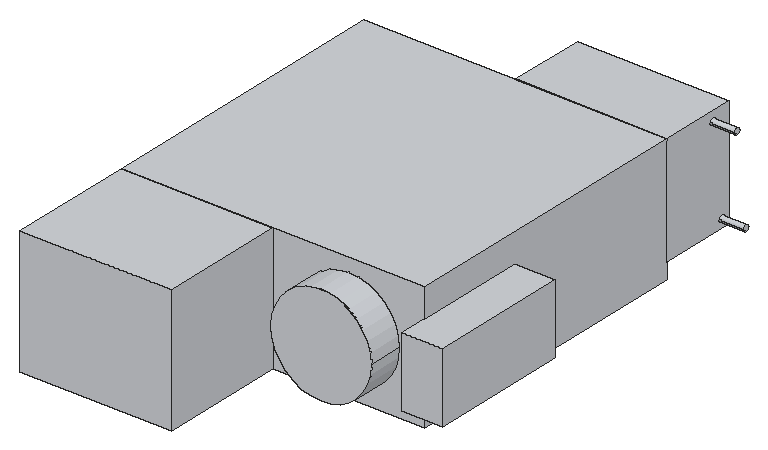
Revit family "ESTW", category Mechanical Equipment, Revit 2018
Family settings
  Round Connector Dimension = Use Radius
  Part Type = Normal
  Work Plane-Based = No
  Always vertical = Yes
  Cut with Voids When Loaded = No
  Shared = No
  Room Calculation Point = No
Parameters (values of type "ESTW 1-hp - 16R 1ROW COIL WITH S/ELBOW")
  Type Comments = ""
  Q5Q = 20"
  Q5B = 24"
  Q5A = 20"
  Inlet for RH = yes
  Inlet for LH = no
  Inlet S dim = 5 1/2"
  HWConnec Length = 4"
  Induction for RH = yes
  Induction for LH = no
  HWC for RH = yes
  HWC for LH = no
  HWC Depth "Z" = 12 1/4"
  HWC Conn Top = 1 7/16"
  HWC Conn "C" = 1 39/64"
  HWC Conn "B" = 3 3/8"
  HWC Conn = 7/16"
  Enclosure for RH = yes
  Enclosure for LH = no
  Enclosure Width = 11 1/8"
  Enclosure Length = 22 1/4"
  Enclosure Depth = 6 1/2"
  Elbow for RH = yes
  Elbow for LH = no
  Discharge Height "Y" = 17 1/2"
  Discharge Width "X" = 24"
  Width = 48"
  URL = "http://www.anemostat.com"
  Radius = Diameter / 2  # 7 15/16"
  Model = "ESTW"
  Manufacturer = "Anemostat"
  Length = 48"
  Induction Width "C" = 21"
  Height = 20"
  Duct Inlet Radius = Radius + 1/32"  # 7 31/32"
  Discharge Flange = 1"
  Diameter = 15 7/8"
  Description = "Series Fan Powered Air Terminal with ECM Motor and Hot Water Coil"
  Connector Top RH = yes
  Connector Top LH = no
  Connector Bottom RH = yes
  Connector Bottom LH = no
Reference planes (in)
  plane 1 "Center (Front/Back)": y = 0
  plane 2: z = 0
  plane 3 "Center (Left/Right)": x = 0
  plane 4 "Right Face": x = 24
  plane 5 "Left Face": x = -24
  plane 6 "Back of Box": y = 48
  plane 7 "Horiz. Centerline": z = 10
  plane 8 "Top Induction": z = 19
  plane 9 "Top of Box": z = 20
  plane 10 "Induction Right Edge": x = 22.875
  plane 11 "Inlet Left Edge": x = -20
  plane 12 "InletFace": y = -5.5
  plane 13 "InductPlane": x = 1.875
  plane 14 "Inlet Center": x = -12.0625
  plane 15: z = 18.5625
  plane 16 "HWConnectop": y = 56.875
  plane 17 "Discharge Plane": y = 60.25
  plane 18 "HWConnectBotm": y = 58.64062
  plane 19 "Enclosure Offset": y = -4.5
  plane 20 "Enclosure Back": y = 17.75
  plane 21: z = 4.0625
  plane 22 "Sound Elbow": y = -20
  plane 23 "Q5 Sid LH": x = 0
  plane 24: z = 0
  plane 25: x = -23
  plane 26: x = -2
  plane 27: x = 0
  plane 28: x = 20
  plane 29: x = 4.125
  plane 30: x = 12.0625
  plane 31: x = 0
  plane 32 "Enclosure lh": x = -30.5
  plane 33 "Enclosure RH": x = 30.5
  plane 34: z = 15.5625
  plane 35: z = 4.4375
  plane 36 "HWConnectRH": x = 28
Forms (in)
  Extrusion 1, solid
    sketch origin (0, 0, 0) x (1, 0, 0) y (0, 0, 1)
      loop
        line (-24, 20) -> (-24, 0) -> (24, 0) -> (24, 20) -> (-24, 20)
    from 0 to -48
  Extrusion 2, solid, visible <- "Induction for LH"
    sketch origin (0, 0, 0) x (1, 0, 0) y (0, 0, 1)
      loop
        line (22.875, 1) -> (22.875, 19) -> (1.875, 19) -> (1.875, 1) -> (22.875, 1)
    from 0 to 1
  Extrusion 3, solid, visible <- "Inlet for LH"
    sketch origin (0, 0, 0) x (1, 0, 0) y (0, 0, 1)
      loop
        circle (-12.0625, 10) r 7.9375
    from 0 to 5.5
  Extrusion 4, solid, visible <- "HWC for LH"
    sketch origin (0, 48, 0) x (-1, 0, 0) y (0, 0, 1)
      loop
        line (24, 2.5) -> (24, 20) -> (0, 20) -> (0, 2.5) -> (24, 2.5)
    from 0 to 12.25 <- "HWC Depth "Z""
  Extrusion 5, solid, visible <- "Connector Top LH"
    sketch origin (-24, 0, 0) x (0, -1, 0) y (0, 0, 1)
      loop
        circle (-56.875, 18.5625) r 0.4375
    from 0 to 4 <- "HWConnec Length"
  Extrusion 6, solid, visible <- "Connector Bottom LH"
    sketch origin (-24, 11.1875, 0) x (0, -1, 0) y (0, 0, 1)
      loop
        circle (-47.45313, 4.0625) r 0.4375
    from 0 to 4 <- "HWConnec Length"
  Extrusion 7, solid, visible <- "Elbow for LH"
    sketch origin (0, -20, 0) x (1, 0, 0) y (0, 0, -1)
      loop
        line (0, -20) -> (24, -20) -> (24, 0) -> (0, 0) -> (0, -20)
    from 0 to 20 <- "Q5Q"
  Extrusion 8, solid, visible <- "HWC for RH"
    sketch origin (10, 48, 0) x (1, 0, 0) y (0, 0, -1)
      loop
        line (14, -2.5) -> (-10, -2.5) -> (-10, -20) -> (14, -20) -> (14, -2.5)
    from 0 to 12.25 <- "HWC Depth "Z""
  Extrusion 9, solid, visible <- "Inlet for RH"
    sketch origin (5.74025, 0, 0) x (-1, 0, 0) y (0, 0, -1)
      loop
        circle (-6.32225, -10) r 7.9375
    from 0 to 5.5
  Extrusion 10, solid, visible <- "Elbow for RH"
    sketch origin (-11, -20, 0) x (-1, 0, 0) y (0, 0, 1)
      loop
        line (-11, 20) -> (-11, 0) -> (13, 0) -> (13, 20) -> (-11, 20)
    from 0 to 20 <- "Q5Q"
  Extrusion 11, solid, visible <- "Induction for RH"
    sketch origin (-30.25, 0, 0) x (-1, 0, 0) y (0, 0, -1)
      loop
        line (-7.25, -1) -> (-28.25, -1) -> (-28.25, -19) -> (-7.25, -19) -> (-7.25, -1)
    from 0 to 1
  Extrusion 12, solid, visible <- "Enclosure for LH"
    sketch origin (-30.5, 0, 0) x (0, 1, 0) y (0, 0, 1)
      loop
        line (17.75, 15.5625) -> (-4.5, 15.5625) -> (-4.5, 4.4375) -> (17.75, 4.4375) -> (17.75, 15.5625)
    from 0 to 6.5 <- "Enclosure Depth"
  Extrusion 13, solid, visible <- "Enclosure for RH"
    sketch origin (30.5, 0, 0) x (0, 1, 0) y (0, 0, -1)
      loop
        line (17.75, -15.5625) -> (17.75, -4.4375) -> (-4.5, -4.4375) -> (-4.5, -15.5625) -> (17.75, -15.5625)
    from 0 to 6.5 <- "Enclosure Depth"
  Extrusion 14, solid, visible <- "HWC for RH"
    sketch origin (28, 0, 0) x (0, -1, 0) y (0, 0, 1)
      loop
        circle (-56.875, 18.5625) r 0.4375
      loop
        circle (-58.64062, 4.0625) r 0.4375
    from 0 to 4 <- "HWConnec Length"
Dimensions and locks (in)
  "Width": plane 5 "Left Face" to plane 4 "Right Face"
  "Height": plane 9 "Top of Box" to level
  equal spacing: plane 9 "Top of Box", plane 7 "Horiz. Centerline", level
  equal spacing: plane 5 "Left Face", plane 3 "Center (Left/Right)", plane 4 "Right Face"
  locked: plane 9 "Top of Box" to plane 8 "Top Induction" at 1
  locked: plane 4 "Right Face" to plane 10 "Induction Right Edge" at 1.125
  locked: plane 5 "Left Face" to plane 11 "Inlet Left Edge" at 4
  "Length": plane 1 "Center (Front/Back)" to plane 6 "Back of Box"
  "Induction Width "C"": plane 10 "Induction Right Edge" to plane 13 "InductPlane"
  "Radius": plane 14 "Inlet Center" to plane 11 "Inlet Left Edge"
  "HWC Depth "Z"": plane 17 "Discharge Plane" to plane 6 "Back of Box"
  "HWC Conn "B"": plane 17 "Discharge Plane" to plane 16 "HWConnectop"
  "HWC Conn "C"": plane 17 "Discharge Plane" to plane 18 "HWConnectBotm"
  "Discharge Height "Y"": Extrusion 4 sketch curve to Extrusion 4 sketch curve
  "Discharge Width "X"": Extrusion 4 sketch curve to Extrusion 4 sketch curve
  locked: plane 1 "Center (Front/Back)" to plane 19 "Enclosure Offset" at 4.5
  locked: plane 20 "Enclosure Back" to plane 19 "Enclosure Offset" at 22.25
  "Diameter": Extrusion 3 sketch curve to plane 11 "Inlet Left Edge"
  locked: plane 15 to plane 21 at 14.5
  "Q5Q": plane 22 "Sound Elbow" to plane 1 "Center (Front/Back)"
  "Q5B": plane 23 "Q5 Sid LH" to plane 4 "Right Face"
  "Q5A": plane 9 "Top of Box" to plane 24
  "Q5B": plane 4 "Right Face" to Extrusion 7 sketch curve
  "Discharge Height "Y"": Extrusion 8 sketch curve to Extrusion 8 sketch curve
  "Discharge Width "X"": Extrusion 8 sketch curve to Extrusion 8 sketch curve
  "Induction Width "C"": plane 26 to plane 25
  "Discharge Flange": plane 5 "Left Face" to plane 25
  plane 4 "Right Face" to plane 10 "Induction Right Edge" = 1 1/8"
  "Q5B": plane 5 "Left Face" to plane 27
  "HWConnec Length": plane 4 "Right Face" to plane 28
  equal spacing: plane 28, plane 30, plane 29
  "Diameter": plane 28 to plane 29
  "Radius": Extrusion 9 sketch curve to plane 29
  "Discharge Width "X"": plane 4 "Right Face" to plane 31
  "HWC Conn": Extrusion 6 to plane 18 "HWConnectBotm"
  "HWC Conn Top": plane 9 "Top of Box" to plane 15
  locked: plane 34 to plane 7 "Horiz. Centerline" at 5.5625
  locked: plane 35 to plane 7 "Horiz. Centerline" at 5.5625
  "Enclosure Depth": plane 32 "Enclosure lh" to plane 5 "Left Face"
  "Enclosure Depth": plane 4 "Right Face" to plane 33 "Enclosure RH"
  "Inlet S dim": plane 12 "InletFace" to plane 1 "Center (Front/Back)"
  "HWConnec Length": plane 4 "Right Face" to plane 36 "HWConnectRH"
  "Radius": radius of Extrusion 3 sketch curve
  "HWC Conn": radius of Extrusion 6 sketch curve
  "Radius": radius of Extrusion 9 sketch curve
  "HWC Conn": radius of Extrusion 14 sketch curve  (x2)
  "HWC Conn": radius of Extrusion 5 sketch curve
  aligned and locked: plane 6 "Back of Box" to Extrusion 1
  aligned and locked: Extrusion 1 to Extrusion 4 sketch curve
  aligned and locked: Extrusion 2 sketch curve to plane 10 "Induction Right Edge"
  aligned and locked: plane 13 "InductPlane" to Extrusion 2 sketch curve
  aligned and locked: Extrusion 2 sketch curve to plane 8 "Top Induction"
  aligned and locked: Extrusion 4 sketch curve to plane 9 "Top of Box"
  aligned and locked: Extrusion 7 sketch curve to plane 4 "Right Face"
  aligned and locked: plane 9 "Top of Box" to Extrusion 7 sketch curve
  aligned and locked: plane 24 to Extrusion 7 sketch curve
  aligned and locked: plane 8 "Top Induction" to Extrusion 11 sketch curve
  aligned and locked: plane 26 to Extrusion 11 sketch curve
  aligned and locked: Extrusion 11 sketch curve to plane 25
  aligned and locked: plane 27 to Extrusion 10 sketch curve
  aligned and locked: plane 5 "Left Face" to Extrusion 10 sketch curve
  aligned and locked: plane 31 to Extrusion 8 sketch curve
  aligned and locked: plane 9 "Top of Box" to Extrusion 8 sketch curve
  aligned and locked: Extrusion 6 to Extrusion 5
  aligned and locked: Extrusion 12 sketch curve to plane 34
  aligned and locked: plane 20 "Enclosure Back" to Extrusion 12 sketch curve
  aligned and locked: Extrusion 12 sketch curve to plane 35
  aligned and locked: Extrusion 12 sketch curve to plane 19 "Enclosure Offset"
  aligned and locked: plane 4 "Right Face" to Extrusion 1
  aligned and locked: plane 5 "Left Face" to Extrusion 1
  aligned and locked: Extrusion 13 sketch curve to plane 34
  aligned and locked: Extrusion 13 sketch curve to plane 35
  aligned and locked: Extrusion 13 sketch curve to plane 20 "Enclosure Back"
  aligned and locked: plane 19 "Enclosure Offset" to Extrusion 13 sketch curve
Automatic sketch dimensions
  Extrusion 1 sketch curve to level = 0"
  plane 5 "Left Face" to Extrusion 1 sketch curve = 0"
  plane 4 "Right Face" to Extrusion 1 sketch curve = 0"
  Extrusion 1 sketch curve to plane 9 "Top of Box" = 0"
  Extrusion 3 sketch curve to plane 7 "Horiz. Centerline" = 0"
  Extrusion 5 sketch curve to plane 15 = 0"
  Extrusion 5 sketch curve to plane 16 "HWConnectop" = 0"
  Extrusion 6 sketch curve to plane 18 "HWConnectBotm" = 0"
  plane 21 to Extrusion 6 sketch curve = 0"
  Extrusion 9 sketch curve to plane 7 "Horiz. Centerline" = 0"
  Extrusion 10 sketch curve to plane 9 "Top of Box" = 0"
  Extrusion 10 sketch curve to level = 0"
  level to Extrusion 2 sketch curve = 1"
  Extrusion 11 sketch curve to level = 1"
  Extrusion 14 sketch curve to plane 15 = 0"
  Extrusion 14 sketch curve to plane 16 "HWConnectop" = 0"
  Extrusion 14 sketch curve to plane 18 "HWConnectBotm" = 0"
  Extrusion 14 sketch curve to plane 21 = 0"
Connectors (in)
  hvac at (-12.0625, -5.5, 10), driven by "Duct Inlet Radius"
    settings: on Extrusion 3, index 1, duct flow 0 CFM, flow factor 0, pres drop 0.00 in-wg, loss coef 0, conn angle 0.00°, conn width 12", conn height 12", conn diameter 15 15/16", duct sys type 1, conn prof type 0, flow config 0, flow direction 0, loss method 0, conn ref index -1, conn util no, is conn primary yes, conn desc ""
  piping at (-28, 56.875, 18.5625), diameter 0.875, driven by "HWC Conn"
    settings: on Extrusion 5, index 2, connector inside diameter 0", connector length 0", flow factor 0, pipe flow 0 GPM, pressure drop 0.00 psi, fitting loss kfactor 0, connector angle 0.00°, fixture units 0, engagement length 0", angle of deflection 0.00°, flow configuration 0, flow direction 0, fitting loss method 0, system type 8, joint type 0, gender type 0, connector reference index -1, connector utility 0, adjustable connector no, is connector primary yes, connector description ""
  hvac at (-12, 60.25, 11.25), driven by "Discharge Width "X"", driven by "Discharge Height "Y""
    settings: on Extrusion 4, index 4, duct flow 0 CFM, flow factor 0, pres drop 0.00 in-wg, loss coef 0, conn angle 0.00°, conn width 24", conn height 17 1/2", conn diameter 24", duct sys type 3, conn prof type 1, flow config 0, flow direction 0, loss method 0, conn ref index -1, conn util no, is conn primary no, conn desc ""
  piping at (-28, 58.64063, 4.0625), diameter 0.875, driven by "HWC Conn"
    settings: on Extrusion 6, index 5, connector inside diameter 24", connector length 0", flow factor 0, pipe flow 0 GPM, pressure drop 0.00 psi, fitting loss kfactor 0, connector angle 0.00°, fixture units 0, engagement length 0", angle of deflection 0.00°, flow configuration 0, flow direction 0, fitting loss method 0, system type 7, joint type 0, gender type 0, connector reference index -1, connector utility 0, adjustable connector no, is connector primary no, connector description ""
  hvac at (12.0625, -5.5, 10), driven by "Radius"
    settings: on Extrusion 9, index 8, duct flow 0 CFM, flow factor 0, pres drop 0.00 in-wg, loss coef 0, conn angle 0.00°, conn width 12", conn height 12", conn diameter 15 7/8", duct sys type 3, conn prof type 0, flow config 0, flow direction 0, loss method 0, conn ref index -1, conn util no, is conn primary no, conn desc ""
  hvac at (12, 60.25, 11.25), driven by "Discharge Height "Y"", driven by "Discharge Width "X""
    settings: on Extrusion 8, index 9, duct flow 0 CFM, flow factor 0, pres drop 0.00 in-wg, loss coef 0, conn angle 0.00°, conn width 24", conn height 17 1/2", conn diameter 24", duct sys type 3, conn prof type 1, flow config 0, flow direction 0, loss method 0, conn ref index -1, conn util no, is conn primary no, conn desc ""
  piping at (28, 56.875, 18.5625), diameter 0.875, driven by "HWC Conn"
    settings: on Extrusion 14, index 10, connector inside diameter 24", connector length 0", flow factor 0, pipe flow 0 GPM, pressure drop 0.00 psi, fitting loss kfactor 0, connector angle 0.00°, fixture units 0, engagement length 0", angle of deflection 0.00°, flow configuration 0, flow direction 0, fitting loss method 0, system type 7, joint type 0, gender type 0, connector reference index -1, connector utility 0, adjustable connector no, is connector primary no, connector description ""
  piping at (28, 58.64062, 4.0625), diameter 0.875, driven by "HWC Conn"
    settings: on Extrusion 14, index 11, connector inside diameter 24", connector length 0", flow factor 0, pipe flow 0 GPM, pressure drop 0.00 psi, fitting loss kfactor 0, connector angle 0.00°, fixture units 0, engagement length 0", angle of deflection 0.00°, flow configuration 0, flow direction 0, fitting loss method 0, system type 7, joint type 0, gender type 0, connector reference index -1, connector utility 0, adjustable connector no, is connector primary no, connector description ""
  electrical at (30.5, 6.625, 10)
    settings: on Extrusion 13, index 12, voltage 0 V, apparent load 0 VA, apparent load phase1 0 VA, apparent load phase2 0 VA, apparent load phase3 0 VA, power factor 1, load classification "Other", number of poles 1, system type 31, power factor state 1, is connector primary yes, connector utility no, sub classification motor no, connector description ""
  electrical at (-30.5, 6.625, 10)
    settings: on Extrusion 12, index 13, voltage 0 V, apparent load 0 VA, apparent load phase1 0 VA, apparent load phase2 0 VA, apparent load phase3 0 VA, power factor 1, load classification "Other", number of poles 1, system type 31, power factor state 1, is connector primary no, connector utility no, sub classification motor no, connector description ""
Types (193): name | Q5Q | Q5B | Q5A | Inlet for RH | Inlet for LH | Induction for RH | Induction for LH | HWC for RH | HWC for LH | HWC Depth "Z" | HWC Conn | Enclosure for RH | Enclosure for LH | Elbow for RH | Elbow for LH | Discharge Width "X" | Width | Radius | Length | Induction Width "C" | Height | Duct Inlet Radius | Diameter | Connector Top RH | Connector Top LH | Connector Bottom RH | Connector Bottom LH
  (no name) | 20" | 24" | 20" | yes | no | yes | no | yes | no | 12 1/4" | 7/16" | yes | no | yes | no | 24" | 48" | 7 15/16" | 48" | 21" | 20" | 7 31/32" | 15 7/8" | yes | no | yes | no
  ESTW 1/2-hp - 06L 1ROW COIL W/O S/ELBOW | 18" | 20" | 18" | no | yes | no | yes | no | yes | 12 1/4" | 7/16" | no | yes | no | no | 20" | 40" | 2 15/16" | 40" | 17" | 18" | 2 31/32" | 5 7/8" | no | yes | no | yes
  ESTW 1-hp - 09L 1ROW COIL W/O S/ELBOW | 20" | 24" | 20" | no | yes | no | yes | no | yes | 12 1/4" | 7/16" | no | yes | no | no | 24" | 48" | 4 7/16" | 48" | 21" | 20" | 4 15/32" | 8 7/8" | no | yes | no | yes
  ESTW 1/3-hp - 08L 1ROW COIL W/O S/ELBOW | 18" | 18" | 18" | no | yes | no | yes | no | yes | 12 1/4" | 7/8" | no | yes | no | no | 20" | 32" | 3 15/16" | 36" | 12" | 18" | 3 31/32" | 7 7/8" | no | yes | no | yes
  ESTW 1/3-hp - 10L 1ROW COIL W/O S/ELBOW | 18" | 18" | 18" | no | yes | no | yes | no | yes | 12 1/4" | 7/16" | no | yes | no | no | 20" | 32" | 4 15/16" | 36" | 12" | 18" | 4 31/32" | 9 7/8" | no | yes | no | yes
  ESTW 1/2-hp - 07L 1ROW COIL W/O S/ELBOW | 18" | 20" | 18" | no | yes | no | yes | no | yes | 12 1/4" | 7/16" | no | yes | no | no | 20" | 40" | 3 7/16" | 40" | 17" | 18" | 3 15/32" | 6 7/8" | no | yes | no | yes
  ESTW 1/2-hp - 08L 1ROW COIL W/O S/ELBOW | 18" | 20" | 18" | no | yes | no | yes | no | yes | 12 1/4" | 7/16" | no | yes | no | no | 20" | 40" | 3 15/16" | 40" | 17" | 18" | 3 31/32" | 7 7/8" | no | yes | no | yes
  ESTW 1/2-hp - 08L 2ROW COIL W/O S/ELBOW | 18" | 20" | 18" | no | yes | no | yes | no | yes | 13 1/2" | 7/16" | no | yes | no | no | 20" | 40" | 3 15/16" | 40" | 17" | 18" | 3 31/32" | 7 7/8" | no | yes | no | yes
  ESTW 1/2-hp - 06L 2ROW COIL W/O S/ELBOW | 18" | 20" | 18" | no | yes | no | yes | no | yes | 13 1/2" | 7/16" | no | yes | no | no | 20" | 40" | 2 15/16" | 40" | 17" | 18" | 2 31/32" | 5 7/8" | no | yes | no | yes
  ESTW 1/3-hp - 08L 2ROW COIL W/O S/ELBOW | 18" | 18" | 18" | no | yes | no | yes | no | yes | 13 1/2" | 7/8" | no | yes | no | no | 20" | 32" | 3 15/16" | 36" | 12" | 18" | 3 31/32" | 7 7/8" | no | yes | no | yes
  ESTW 1/3-hp - 09L 2ROW COIL W/O S/ELBOW | 18" | 18" | 18" | no | yes | no | yes | no | yes | 13 1/2" | 7/16" | no | yes | no | no | 20" | 32" | 4 7/16" | 36" | 12" | 18" | 4 15/32" | 8 7/8" | no | yes | no | yes
  ESTW 1/3-hp - 10L 2ROW COIL W/O S/ELBOW | 18" | 18" | 18" | no | yes | no | yes | no | yes | 13 1/2" | 7/16" | no | yes | no | no | 20" | 32" | 4 15/16" | 36" | 12" | 18" | 4 31/32" | 9 7/8" | no | yes | no | yes
  ESTW 1-hp - 16L 2ROW COIL W/O S/ELBOW | 20" | 24" | 20" | no | yes | no | yes | no | yes | 13 1/2" | 7/16" | no | yes | no | no | 24" | 48" | 7 15/16" | 48" | 21" | 20" | 7 31/32" | 15 7/8" | no | yes | no | yes
  ESTW 1/2-hp - 06R 1ROW COIL W/O S/ELBOW | 18" | 20" | 18" | yes | no | yes | no | yes | no | 12 1/4" | 7/16" | yes | no | no | no | 20" | 40" | 2 15/16" | 40" | 17" | 18" | 2 31/32" | 5 7/8" | yes | no | yes | no
  ESTW 1/2-hp - 06R 2ROW COIL W/O S/ELBOW | 18" | 20" | 18" | yes | no | yes | no | yes | no | 13 1/2" | 7/16" | yes | no | no | no | 20" | 40" | 2 15/16" | 40" | 17" | 18" | 2 31/32" | 5 7/8" | yes | no | yes | no
  ESTW 1/2-hp - 07R 1ROW COIL W/O S/ELBOW | 18" | 20" | 18" | yes | no | yes | no | yes | no | 12 1/4" | 7/16" | yes | no | no | no | 20" | 40" | 3 7/16" | 40" | 17" | 18" | 3 15/32" | 6 7/8" | yes | no | yes | no
  ESTW 1/2-hp - 08R 1ROW COIL W/O S/ELBOW | 18" | 20" | 18" | yes | no | yes | no | yes | no | 12 1/4" | 7/16" | yes | no | no | no | 20" | 40" | 3 15/16" | 40" | 17" | 18" | 3 31/32" | 7 7/8" | yes | no | yes | no
  ESTW 1/2-hp - 08R 2ROW COIL W/O S/ELBOW | 18" | 20" | 18" | yes | no | yes | no | yes | no | 13 1/2" | 7/16" | yes | no | no | no | 20" | 40" | 3 15/16" | 40" | 17" | 18" | 3 31/32" | 7 7/8" | yes | no | yes | no
  ESTW 1/3-hp - 08R 1ROW COIL W/O S/ELBOW | 18" | 18" | 18" | yes | no | yes | no | yes | no | 12 1/4" | 7/8" | yes | no | no | no | 20" | 32" | 3 15/16" | 36" | 12" | 18" | 3 31/32" | 7 7/8" | yes | no | no | no
  ESTW 1/3-hp - 09R 2ROW COIL W/O S/ELBOW | 18" | 18" | 18" | yes | no | yes | no | yes | no | 13 1/2" | 7/16" | yes | no | no | no | 20" | 32" | 4 7/16" | 36" | 12" | 18" | 4 15/32" | 8 7/8" | yes | no | yes | no
  ESTW 1/3-hp - 10R 1ROW COIL W/O S/ELBOW | 18" | 18" | 18" | yes | no | yes | no | yes | no | 12 1/4" | 7/16" | yes | no | no | no | 20" | 32" | 4 15/16" | 36" | 12" | 18" | 4 31/32" | 9 7/8" | yes | no | yes | no
  ESTW 1-hp - 09R 1ROW COIL W/O S/ELBOW | 20" | 24" | 20" | yes | no | yes | no | yes | no | 12 1/4" | 7/16" | yes | no | no | no | 24" | 48" | 4 7/16" | 48" | 21" | 20" | 4 15/32" | 8 7/8" | yes | no | yes | no
  ESTW 1-hp - 16R 2ROW COIL W/O S/ELBOW | 20" | 24" | 20" | yes | no | yes | no | yes | no | 13 1/2" | 7/16" | yes | no | no | no | 24" | 48" | 7 15/16" | 48" | 21" | 20" | 7 31/32" | 15 7/8" | yes | no | yes | no
  ESTW 1/2-hp - 06L 1ROW COIL WITH S/ELBOW | 18" | 20" | 18" | no | yes | no | yes | no | yes | 12 1/4" | 7/16" | no | yes | no | yes | 20" | 40" | 2 15/16" | 40" | 17" | 18" | 2 31/32" | 5 7/8" | no | yes | no | yes
  ESTW 1/2-hp - 06R 1ROW COIL WITH S/ELBOW | 18" | 20" | 18" | yes | no | yes | no | yes | no | 12 1/4" | 7/16" | yes | no | yes | no | 20" | 40" | 2 15/16" | 40" | 17" | 18" | 2 31/32" | 5 7/8" | yes | no | yes | no
  ESTW 1/2-hp - 06L 2ROW COIL WITH S/ELBOW | 18" | 20" | 18" | no | yes | no | yes | no | yes | 13 1/2" | 7/16" | no | yes | no | yes | 20" | 40" | 2 15/16" | 40" | 17" | 18" | 2 31/32" | 5 7/8" | no | yes | no | yes
  ESTW 1/2-hp - 06R 2ROW COIL WITH S/ELBOW | 18" | 20" | 18" | yes | no | yes | no | yes | no | 13 1/2" | 7/16" | yes | no | yes | no | 20" | 40" | 2 15/16" | 40" | 17" | 18" | 2 31/32" | 5 7/8" | yes | no | yes | no
  ESTW 1/2-hp - 07L 1ROW COIL WITH S/ELBOW | 18" | 20" | 18" | no | yes | no | yes | no | yes | 12 1/4" | 7/16" | no | yes | no | yes | 20" | 40" | 3 7/16" | 40" | 17" | 18" | 3 15/32" | 6 7/8" | no | yes | no | yes
  ESTW 1/2-hp - 07R 1ROW COIL WITH S/ELBOW | 18" | 20" | 18" | yes | no | yes | no | yes | no | 12 1/4" | 7/16" | yes | no | yes | no | 20" | 40" | 3 7/16" | 40" | 17" | 18" | 3 15/32" | 6 7/8" | yes | no | yes | no
  ESTW 1/2-hp - 07L 2ROW COIL W/O S/ELBOW | 18" | 20" | 18" | no | yes | no | yes | no | yes | 13 1/2" | 7/16" | no | yes | no | no | 20" | 40" | 3 7/16" | 40" | 17" | 18" | 3 15/32" | 6 7/8" | no | yes | no | yes
  ESTW 1/2-hp - 07L 2ROW COIL WITH S/ELBOW | 18" | 20" | 18" | no | yes | no | yes | no | yes | 13 1/2" | 7/16" | no | yes | no | yes | 20" | 40" | 3 7/16" | 40" | 17" | 18" | 3 15/32" | 6 7/8" | no | yes | no | yes
  ESTW 1/2-hp - 07R 2ROW COIL WITH S/ELBOW | 18" | 20" | 18" | yes | no | yes | no | yes | no | 13 1/2" | 7/16" | yes | no | yes | no | 20" | 40" | 3 7/16" | 40" | 17" | 18" | 3 15/32" | 6 7/8" | yes | no | yes | no
  ESTW 1/2-hp - 07R 2ROW COIL W/O S/ELBOW | 18" | 20" | 18" | yes | no | yes | no | yes | no | 13 1/2" | 7/16" | yes | no | no | no | 20" | 40" | 3 7/16" | 40" | 17" | 18" | 3 15/32" | 6 7/8" | yes | no | yes | no
  ESTW 1/2-hp - 08R 2ROW COIL WITH S/ELBOW | 18" | 20" | 18" | yes | no | yes | no | yes | no | 13 1/2" | 7/16" | yes | no | yes | no | 20" | 40" | 3 15/16" | 40" | 17" | 18" | 3 31/32" | 7 7/8" | yes | no | yes | no
  ESTW 1/2-hp - 08L 1ROW COIL WITH S/ELBOW | 18" | 20" | 18" | no | yes | no | yes | no | yes | 12 1/4" | 7/16" | no | yes | no | yes | 20" | 40" | 3 15/16" | 40" | 17" | 18" | 3 31/32" | 7 7/8" | no | yes | no | yes
  ESTW 1/2-hp - 08L 2ROW COIL WITH S/ELBOW | 18" | 20" | 18" | no | yes | no | yes | no | yes | 13 1/2" | 7/16" | no | yes | no | yes | 20" | 40" | 3 15/16" | 40" | 17" | 18" | 3 31/32" | 7 7/8" | no | yes | no | yes
  ESTW 1/2-hp - 08R 1ROW COIL WITH S/ELBOW | 18" | 20" | 18" | yes | no | yes | no | yes | no | 12 1/4" | 7/16" | yes | no | yes | no | 20" | 40" | 3 15/16" | 40" | 17" | 18" | 3 31/32" | 7 7/8" | yes | no | yes | no
  ESTW 1/3-hp - 08L 1ROW COIL WITH S/ELBOW | 18" | 18" | 18" | no | yes | no | yes | no | yes | 12 1/4" | 7/8" | no | yes | no | yes | 20" | 32" | 3 15/16" | 36" | 12" | 18" | 3 31/32" | 7 7/8" | no | yes | no | yes
  ESTW 1/3-hp - 08L 2ROW COIL WITH S/ELBOW | 18" | 18" | 18" | no | yes | no | yes | no | yes | 13 1/2" | 7/8" | no | yes | no | yes | 20" | 32" | 3 15/16" | 36" | 12" | 18" | 3 31/32" | 7 7/8" | no | yes | no | yes
  ESTW 1/3-hp - 08R 1ROW COIL WITH S/ELBOW | 18" | 18" | 18" | yes | no | yes | no | yes | no | 12 1/4" | 7/8" | yes | no | yes | no | 20" | 32" | 3 15/16" | 36" | 12" | 18" | 3 31/32" | 7 7/8" | yes | no | yes | no
  ESTW 1/3-hp - 08R 2ROW COIL W/O S/ELBOW | 18" | 18" | 18" | yes | no | yes | no | yes | no | 13 1/2" | 7/8" | yes | no | no | no | 20" | 32" | 3 15/16" | 36" | 12" | 18" | 3 31/32" | 7 7/8" | yes | no | yes | no
  ESTW 1/3-hp - 08R 2ROW COIL WITH S/ELBOW | 18" | 18" | 18" | yes | no | yes | no | yes | no | 13 1/2" | 7/8" | yes | no | yes | no | 20" | 32" | 3 15/16" | 36" | 12" | 18" | 3 31/32" | 7 7/8" | yes | no | yes | no
  ESTW 1/3-hp - 09L 2ROW COIL WITH S/ELBOW | 18" | 18" | 18" | no | yes | no | yes | no | yes | 13 1/2" | 7/16" | no | yes | no | yes | 20" | 32" | 4 7/16" | 36" | 12" | 18" | 4 15/32" | 8 7/8" | no | yes | no | yes
  ESTW 1/3-hp - 09R 2ROW COIL WITH S/ELBOW | 18" | 18" | 18" | yes | no | yes | no | yes | no | 13 1/2" | 7/16" | yes | no | no | no | 20" | 32" | 4 7/16" | 36" | 12" | 18" | 4 15/32" | 8 7/8" | yes | no | yes | no
  ESTW 1/3-hp - 09L 1ROW COIL W/O S/ELBOW | 18" | 18" | 18" | no | yes | no | yes | no | yes | 12 1/4" | 7/16" | no | yes | no | no | 20" | 32" | 4 7/16" | 36" | 12" | 18" | 4 15/32" | 8 7/8" | no | yes | no | yes
  ESTW 1/3-hp - 09L 1ROW COIL WITH S/ELBOW | 18" | 18" | 18" | no | yes | no | yes | no | yes | 12 1/4" | 7/16" | no | yes | no | yes | 20" | 32" | 4 7/16" | 36" | 12" | 18" | 4 15/32" | 8 7/8" | no | yes | no | yes
  ESTW 1/3-hp - 09R 1ROW COIL W/O S/ELBOW | 18" | 18" | 18" | yes | no | yes | no | yes | no | 12 1/4" | 7/16" | yes | no | no | no | 20" | 32" | 4 7/16" | 36" | 12" | 18" | 4 15/32" | 8 7/8" | yes | no | yes | no
  ESTW 1/3-hp - 09R 1ROW COIL WITH S/ELBOW | 18" | 18" | 18" | yes | no | yes | no | yes | no | 12 1/4" | 7/16" | yes | no | yes | no | 20" | 32" | 4 7/16" | 36" | 12" | 18" | 4 15/32" | 8 7/8" | yes | no | yes | no
  ESTW 1/3-hp - 10L 1ROW COIL WITH S/ELBOW | 18" | 18" | 18" | no | yes | no | yes | no | yes | 12 1/4" | 7/16" | no | yes | no | yes | 20" | 32" | 4 15/16" | 36" | 12" | 18" | 4 31/32" | 9 7/8" | no | yes | no | yes
  ESTW 1/3-hp - 10R 1ROW COIL WITH S/ELBOW | 18" | 18" | 18" | yes | no | yes | no | yes | no | 12 1/4" | 7/16" | yes | no | yes | no | 20" | 32" | 4 15/16" | 36" | 12" | 18" | 4 31/32" | 9 7/8" | yes | no | yes | no
  ESTW 1/3-hp - 10L 2ROW COIL WITH S/ELBOW | 18" | 18" | 18" | no | yes | no | yes | no | yes | 13 1/2" | 7/16" | no | yes | no | yes | 20" | 32" | 4 15/16" | 36" | 12" | 18" | 4 31/32" | 9 7/8" | no | yes | no | yes
  ESTW 1/3-hp - 10R 2ROW COIL W/O S/ELBOW | 18" | 18" | 18" | yes | no | yes | no | yes | no | 13 1/2" | 7/16" | yes | no | no | no | 20" | 32" | 4 15/16" | 36" | 12" | 18" | 4 31/32" | 9 7/8" | yes | no | yes | no
  ESTW 1/3-hp - 10R 2ROW COIL WITH S/ELBOW | 18" | 18" | 18" | yes | no | yes | no | yes | no | 13 1/2" | 7/16" | yes | no | yes | no | 20" | 32" | 4 15/16" | 36" | 12" | 18" | 4 31/32" | 9 7/8" | yes | no | yes | no
  ESTW 1/2-hp - 09L 1ROW COIL W/O S/ELBOW | 18" | 20" | 18" | no | yes | no | yes | no | yes | 12 1/4" | 7/16" | no | yes | no | no | 20" | 40" | 4 7/16" | 40" | 17" | 18" | 4 15/32" | 8 7/8" | no | yes | no | yes
  ESTW 1/2-hp - 09R 1ROW COIL W/O S/ELBOW | 18" | 20" | 18" | yes | no | yes | no | yes | no | 12 1/4" | 7/16" | yes | no | no | no | 20" | 40" | 4 7/16" | 40" | 17" | 18" | 4 15/32" | 8 7/8" | yes | no | yes | no
  ESTW 1/2-hp - 09L 1ROW COIL WITH S/ELBOW | 18" | 20" | 18" | no | yes | no | yes | no | yes | 12 1/4" | 7/16" | no | yes | no | yes | 20" | 40" | 4 7/16" | 40" | 17" | 18" | 4 15/32" | 8 7/8" | no | yes | no | yes
  ESTW 1/2-hp - 09R 1ROW COIL WITH S/ELBOW | 18" | 20" | 18" | yes | no | yes | no | yes | no | 12 1/4" | 7/16" | yes | no | yes | no | 20" | 40" | 4 7/16" | 40" | 17" | 18" | 4 15/32" | 8 7/8" | yes | no | yes | no
  ESTW 1/2-hp - 09L 2ROW COIL W/O S/ELBOW | 18" | 20" | 18" | no | yes | no | yes | no | yes | 13 1/2" | 7/16" | no | yes | no | no | 20" | 40" | 4 7/16" | 40" | 17" | 18" | 4 15/32" | 8 7/8" | no | yes | no | yes
  ESTW 1/2-hp - 09R 2ROW COIL W/O S/ELBOW | 18" | 20" | 18" | yes | no | yes | no | yes | no | 13 1/2" | 7/16" | yes | no | no | no | 20" | 40" | 4 7/16" | 40" | 17" | 18" | 4 15/32" | 8 7/8" | yes | no | yes | no
  ESTW 1/2-hp - 09L 2ROW COIL WITH S/ELBOW | 18" | 20" | 18" | no | yes | no | yes | no | yes | 13 1/2" | 7/16" | no | yes | no | yes | 20" | 40" | 4 7/16" | 40" | 17" | 18" | 4 15/32" | 8 7/8" | no | yes | no | yes
  ESTW 1/2-hp - 09R 2ROW COIL WITH S/ELBOW | 18" | 20" | 18" | yes | no | yes | no | yes | no | 13 1/2" | 7/16" | yes | no | yes | no | 20" | 40" | 4 7/16" | 40" | 17" | 18" | 4 15/32" | 8 7/8" | yes | no | yes | no
  ESTW 1/2-hp - 10L 1ROW COIL W/O S/ELBOW | 18" | 20" | 18" | no | yes | no | yes | no | yes | 12 1/4" | 7/16" | no | yes | no | no | 20" | 40" | 4 15/16" | 40" | 17" | 18" | 4 31/32" | 9 7/8" | no | yes | no | yes
  ESTW 1/2-hp - 10R 1ROW COIL W/O S/ELBOW | 18" | 20" | 18" | yes | no | yes | no | yes | no | 12 1/4" | 7/16" | yes | no | no | no | 20" | 40" | 4 15/16" | 40" | 17" | 18" | 4 31/32" | 9 7/8" | yes | no | yes | no
  ESTW 1/2-hp - 10R 1ROW COIL WITH S/ELBOW | 18" | 20" | 18" | yes | no | yes | no | yes | no | 12 1/4" | 7/16" | yes | no | yes | no | 20" | 40" | 4 15/16" | 40" | 17" | 18" | 4 31/32" | 9 7/8" | yes | no | yes | no
  ESTW 1/2-hp - 10L 1ROW COIL WITH S/ELBOW | 18" | 20" | 18" | no | yes | no | yes | no | yes | 12 1/4" | 7/16" | no | yes | no | yes | 20" | 40" | 4 15/16" | 40" | 17" | 18" | 4 31/32" | 9 7/8" | no | yes | no | yes
  ESTW 1/2-hp - 10L 2ROW COIL W/O S/ELBOW | 18" | 20" | 18" | no | yes | no | yes | no | yes | 13 1/2" | 7/16" | no | yes | no | no | 20" | 40" | 4 15/16" | 40" | 17" | 18" | 4 31/32" | 9 7/8" | no | yes | no | yes
  ESTW 1/2-hp - 10R 2ROW COIL W/O S/ELBOW | 18" | 20" | 18" | yes | no | yes | no | yes | no | 13 1/2" | 7/16" | yes | no | no | no | 20" | 40" | 4 15/16" | 40" | 17" | 18" | 4 31/32" | 9 7/8" | yes | no | yes | no
  ESTW 1/2-hp - 10R 2ROW COIL WITH S/ELBOW | 18" | 20" | 18" | yes | no | yes | no | yes | no | 13 1/2" | 7/16" | yes | no | yes | no | 20" | 40" | 4 15/16" | 40" | 17" | 18" | 4 31/32" | 9 7/8" | yes | no | yes | no
  ESTW 1/2-hp - 10L 2ROW COIL WITH S/ELBOW | 18" | 20" | 18" | no | yes | no | yes | no | yes | 13 1/2" | 7/16" | no | yes | no | yes | 20" | 40" | 4 15/16" | 40" | 17" | 18" | 4 31/32" | 9 7/8" | no | yes | no | yes
  ESTW 1/2-hp - 12L 1ROW COIL W/O S/ELBOW | 18" | 20" | 18" | no | yes | no | yes | no | yes | 12 1/4" | 7/16" | no | yes | no | no | 20" | 40" | 5 15/16" | 40" | 17" | 18" | 5 31/32" | 11 7/8" | no | yes | no | yes
  ESTW 1/2-hp - 12R 1ROW COIL W/O S/ELBOW | 18" | 20" | 18" | yes | no | yes | no | yes | no | 12 1/4" | 7/16" | yes | no | no | no | 20" | 40" | 5 15/16" | 40" | 17" | 18" | 5 31/32" | 11 7/8" | yes | no | yes | no
  ESTW 1/2-hp - 12L 1ROW COIL WITH S/ELBOW | 18" | 20" | 18" | no | yes | no | yes | no | yes | 12 1/4" | 7/16" | no | yes | no | yes | 20" | 40" | 5 15/16" | 40" | 17" | 18" | 5 31/32" | 11 7/8" | no | yes | no | yes
  ESTW 1/2-hp - 12R 1ROW COIL WITH S/ELBOW | 18" | 20" | 18" | yes | no | yes | no | yes | no | 12 1/4" | 7/16" | yes | no | yes | no | 20" | 40" | 5 15/16" | 40" | 17" | 18" | 5 31/32" | 11 7/8" | yes | no | yes | no
  ESTW 1/2-hp - 12L 2ROW COIL W/O S/ELBOW | 18" | 20" | 18" | no | yes | no | yes | no | yes | 13 1/2" | 7/16" | no | yes | no | no | 20" | 40" | 5 15/16" | 40" | 17" | 18" | 5 31/32" | 11 7/8" | no | yes | no | yes
  ESTW 1/2-hp - 12R 2ROW COIL W/O S/ELBOW | 18" | 20" | 18" | yes | no | yes | no | yes | no | 13 1/2" | 7/16" | yes | no | no | no | 20" | 40" | 5 15/16" | 40" | 17" | 18" | 5 31/32" | 11 7/8" | yes | no | yes | no
  ESTW 1/2-hp - 12R 2ROW COIL WITH S/ELBOW | 18" | 20" | 18" | yes | no | yes | no | yes | no | 13 1/2" | 7/16" | yes | no | yes | no | 20" | 40" | 5 15/16" | 40" | 17" | 18" | 5 31/32" | 11 7/8" | yes | no | yes | no
  ESTW 1/2-hp - 12L 2ROW COIL WITH S/ELBOW | 18" | 20" | 18" | no | yes | no | yes | no | no | 13 1/2" | 7/16" | yes | no | no | yes | 20" | 40" | 5 15/16" | 40" | 17" | 18" | 5 31/32" | 11 7/8" | no | yes | no | yes
  ESTW 1/2-hp - 14L 1ROW COIL W/O S/ELBOW | 18" | 20" | 18" | no | yes | no | yes | no | yes | 12 1/4" | 7/16" | no | yes | no | no | 20" | 40" | 6 15/16" | 40" | 17" | 18" | 6 31/32" | 13 7/8" | no | yes | no | yes
  ESTW 1/2-hp - 14R 1ROW COIL W/O S/ELBOW | 18" | 20" | 18" | yes | no | yes | no | yes | no | 12 1/4" | 7/16" | yes | no | no | no | 20" | 40" | 6 15/16" | 40" | 17" | 18" | 6 31/32" | 13 7/8" | yes | no | yes | no
  ESTW 1/2-hp - 14R 1ROW COIL WITH S/ELBOW | 18" | 20" | 18" | yes | no | yes | no | yes | no | 12 1/4" | 7/16" | yes | no | yes | no | 20" | 40" | 6 15/16" | 40" | 17" | 18" | 6 31/32" | 13 7/8" | yes | no | yes | no
  ESTW 1/2-hp - 14L 1ROW COIL WITH S/ELBOW | 18" | 20" | 18" | no | yes | no | yes | no | yes | 12 1/4" | 7/16" | no | yes | no | yes | 20" | 40" | 6 15/16" | 40" | 17" | 18" | 6 31/32" | 13 7/8" | no | yes | no | yes
  ESTW 1/2-hp - 14L 2ROW COIL W/O S/ELBOW | 18" | 20" | 18" | no | yes | no | yes | no | yes | 13 1/2" | 7/16" | no | yes | no | no | 20" | 40" | 6 15/16" | 40" | 17" | 18" | 6 31/32" | 13 7/8" | no | yes | no | yes
  ESTW 1/2-hp - 14R 2ROW COIL W/O S/ELBOW | 18" | 20" | 18" | yes | no | yes | no | yes | no | 13 1/2" | 7/16" | yes | no | no | no | 20" | 40" | 6 15/16" | 40" | 17" | 18" | 6 31/32" | 13 7/8" | yes | no | yes | no
  ESTW 1/2-hp - 14L 2ROW COIL WITH S/ELBOW | 18" | 20" | 18" | no | yes | no | yes | no | yes | 13 1/2" | 7/16" | no | yes | no | yes | 20" | 40" | 6 15/16" | 40" | 17" | 18" | 6 31/32" | 13 7/8" | no | yes | no | yes
  ESTW 1/2-hp - 14R 2ROW COIL WITH S/ELBOW | 18" | 20" | 18" | yes | no | yes | no | yes | no | 13 1/2" | 7/16" | yes | no | yes | no | 20" | 40" | 6 15/16" | 40" | 17" | 18" | 6 31/32" | 13 7/8" | yes | no | yes | no
  ESTW 1-hp - 09L 1ROW COIL WITH S/ELBOW | 20" | 24" | 20" | no | yes | no | yes | no | yes | 12 1/4" | 7/16" | no | yes | no | yes | 24" | 48" | 4 7/16" | 48" | 21" | 20" | 4 15/32" | 8 7/8" | no | yes | no | yes
  ESTW 1-hp - 09R 1ROW COIL WITH S/ELBOW | 20" | 24" | 20" | yes | no | yes | no | yes | no | 12 1/4" | 7/16" | yes | no | yes | no | 24" | 48" | 4 7/16" | 48" | 21" | 20" | 4 15/32" | 8 7/8" | yes | no | yes | no
  ESTW 1-hp - 16R 2ROW COIL WITH S/ELBOW | 20" | 24" | 20" | yes | no | yes | no | yes | no | 13 1/2" | 7/16" | yes | no | yes | no | 24" | 48" | 7 15/16" | 48" | 21" | 20" | 7 31/32" | 15 7/8" | yes | no | yes | no
  ESTW 1-hp - 16L 2ROW COIL WITH S/ELBOW | 20" | 24" | 20" | no | yes | no | yes | no | yes | 13 1/2" | 7/16" | no | yes | no | yes | 24" | 48" | 7 15/16" | 48" | 21" | 20" | 7 31/32" | 15 7/8" | no | yes | no | yes
  ESTW 1-hp - 14L 2ROW COIL W/O S/ELBOW | 20" | 24" | 20" | no | yes | no | yes | no | yes | 13 1/2" | 7/16" | no | yes | no | no | 24" | 48" | 6 15/16" | 48" | 21" | 20" | 6 31/32" | 13 7/8" | no | yes | no | yes
  ESTW 1-hp - 14R 2ROW COIL W/O S/ELBOW | 20" | 24" | 20" | yes | no | yes | no | yes | no | 13 1/2" | 7/16" | yes | no | no | no | 24" | 48" | 6 15/16" | 48" | 21" | 20" | 6 31/32" | 13 7/8" | yes | no | yes | no
  ESTW 1-hp - 14R 2ROW COIL WITH S/ELBOW | 20" | 24" | 20" | yes | no | yes | no | yes | no | 13 1/2" | 7/16" | yes | no | yes | no | 24" | 48" | 6 15/16" | 48" | 21" | 20" | 6 31/32" | 13 7/8" | yes | no | yes | no
  ESTW 1-hp - 14L 2ROW COIL WITH S/ELBOW | 20" | 24" | 20" | no | yes | no | yes | no | yes | 13 1/2" | 7/16" | no | yes | no | yes | 24" | 48" | 6 15/16" | 48" | 21" | 20" | 6 31/32" | 13 7/8" | no | yes | no | yes
  ESTW 1-hp - 12L 2ROW COIL W/O S/ELBOW | 20" | 24" | 20" | no | yes | no | yes | no | yes | 13 1/2" | 7/16" | no | yes | no | no | 24" | 48" | 5 15/16" | 48" | 21" | 20" | 5 31/32" | 11 7/8" | no | yes | no | yes
  ESTW 1-hp - 12R 2ROW COIL W/O S/ELBOW | 20" | 24" | 20" | yes | no | yes | yes | yes | no | 13 1/2" | 7/16" | yes | no | no | no | 24" | 48" | 5 15/16" | 48" | 21" | 20" | 5 31/32" | 11 7/8" | yes | no | yes | no
  ESTW 1-hp - 12R 2ROW COIL WITH S/ELBOW | 20" | 24" | 20" | yes | no | yes | yes | yes | no | 13 1/2" | 7/16" | yes | no | yes | no | 24" | 48" | 5 15/16" | 48" | 21" | 20" | 5 31/32" | 11 7/8" | yes | no | yes | no
  ESTW 1-hp - 12L 2ROW COIL WITH S/ELBOW | 20" | 24" | 20" | no | yes | no | yes | no | yes | 13 1/2" | 7/16" | no | yes | no | yes | 24" | 48" | 5 15/16" | 48" | 21" | 20" | 5 31/32" | 11 7/8" | no | yes | no | yes
  ESTW 1-hp - 10L 2ROW COIL W/O S/ELBOW | 20" | 24" | 20" | no | yes | no | yes | no | yes | 13 1/2" | 7/16" | no | yes | no | no | 24" | 48" | 4 15/16" | 48" | 21" | 20" | 4 31/32" | 9 7/8" | no | yes | no | yes
  ESTW 1-hp - 10R 2ROW COIL W/O S/ELBOW | 20" | 24" | 20" | yes | no | yes | no | yes | no | 13 1/2" | 7/16" | yes | no | no | no | 24" | 48" | 4 15/16" | 48" | 21" | 20" | 4 31/32" | 9 7/8" | yes | no | yes | no
  ESTW 1-hp - 10R 2ROW COIL WITH S/ELBOW | 20" | 24" | 20" | yes | no | yes | no | yes | no | 13 1/2" | 7/16" | yes | no | yes | no | 24" | 48" | 4 15/16" | 48" | 21" | 20" | 4 31/32" | 9 7/8" | yes | no | yes | no
  ESTW 1-hp - 10L 2ROW COIL WITH S/ELBOW | 20" | 24" | 20" | no | yes | no | yes | no | yes | 13 1/2" | 7/16" | no | yes | no | yes | 24" | 48" | 4 15/16" | 48" | 21" | 20" | 4 31/32" | 9 7/8" | no | yes | no | yes
  ESTW 1-hp - 10L 1ROW COIL W/O S/ELBOW | 20" | 24" | 20" | no | yes | no | yes | no | yes | 12 1/4" | 7/16" | no | yes | no | no | 24" | 48" | 4 15/16" | 48" | 21" | 20" | 4 31/32" | 9 7/8" | no | yes | no | yes
  ESTW 1-hp - 10R 1ROW COIL W/O S/ELBOW | 20" | 24" | 20" | yes | no | yes | no | yes | no | 12 1/4" | 7/16" | yes | no | no | no | 24" | 48" | 4 15/16" | 48" | 21" | 20" | 4 31/32" | 9 7/8" | yes | no | yes | no
  ESTW 1-hp - 10R 1ROW COIL WITH S/ELBOW | 20" | 24" | 20" | yes | no | yes | no | yes | no | 12 1/4" | 7/16" | yes | no | yes | no | 24" | 48" | 4 15/16" | 48" | 21" | 20" | 4 31/32" | 9 7/8" | yes | no | yes | no
  ESTW 1-hp - 10L 1ROW COIL WITH S/ELBOW | 20" | 24" | 20" | no | yes | no | yes | no | yes | 12 1/4" | 7/16" | no | yes | no | yes | 24" | 48" | 4 15/16" | 48" | 21" | 20" | 4 31/32" | 9 7/8" | no | yes | no | yes
  ESTW 1-hp - 12L 1ROW COIL W/O S/ELBOW | 20" | 24" | 20" | no | yes | no | yes | no | yes | 12 1/4" | 7/16" | no | yes | no | no | 24" | 48" | 5 15/16" | 48" | 21" | 20" | 5 31/32" | 11 7/8" | no | yes | no | yes
  ESTW 1-hp - 12R 1ROW COIL W/O S/ELBOW | 20" | 24" | 20" | yes | no | yes | no | yes | no | 12 1/4" | 7/16" | yes | no | no | no | 24" | 48" | 5 15/16" | 48" | 21" | 20" | 5 31/32" | 11 7/8" | yes | no | yes | no
  ESTW 1-hp - 12R 1ROW COIL WITH S/ELBOW | 20" | 24" | 20" | yes | no | yes | no | yes | no | 12 1/4" | 7/16" | yes | no | yes | no | 24" | 48" | 5 15/16" | 48" | 21" | 20" | 5 31/32" | 11 7/8" | yes | no | yes | no
  ESTW 1-hp - 12L 1ROW COIL WITH S/ELBOW | 20" | 24" | 20" | no | yes | no | yes | no | yes | 12 1/4" | 7/16" | no | yes | no | yes | 24" | 48" | 5 15/16" | 48" | 21" | 20" | 5 31/32" | 11 7/8" | no | yes | no | yes
  ESTW 1-hp - 14L 1ROW COIL W/O S/ELBOW | 20" | 24" | 20" | no | yes | no | yes | no | yes | 12 1/4" | 7/16" | no | yes | no | no | 24" | 48" | 6 15/16" | 48" | 21" | 20" | 6 31/32" | 13 7/8" | no | yes | no | yes
  ESTW 1-hp - 14R 1ROW COIL W/O S/ELBOW | 20" | 24" | 20" | yes | no | yes | no | yes | no | 12 1/4" | 7/16" | yes | no | no | no | 24" | 48" | 6 15/16" | 48" | 21" | 20" | 6 31/32" | 13 7/8" | yes | no | yes | no
  ESTW 1-hp - 14R 1ROW COIL WITH S/ELBOW | 20" | 24" | 20" | yes | no | yes | no | yes | no | 12 1/4" | 7/16" | yes | no | yes | no | 24" | 48" | 6 15/16" | 48" | 21" | 20" | 6 31/32" | 13 7/8" | yes | no | yes | no
  ESTW 1-hp - 14L 1ROW COIL WITH S/ELBOW | 20" | 24" | 20" | no | yes | no | yes | no | yes | 12 1/4" | 7/16" | no | yes | no | no | 24" | 48" | 6 15/16" | 48" | 21" | 20" | 6 31/32" | 13 7/8" | no | yes | no | yes
  ESTW 1-hp - 16L 1ROW COIL W/O S/ELBOW | 20" | 24" | 20" | no | yes | no | yes | no | yes | 12 1/4" | 7/16" | no | yes | no | no | 24" | 48" | 7 15/16" | 48" | 21" | 20" | 7 31/32" | 15 7/8" | no | yes | no | yes
  ESTW 1-hp - 16R 1ROW COIL W/O S/ELBOW | 20" | 24" | 20" | yes | no | yes | no | yes | no | 12 1/4" | 7/16" | yes | no | no | no | 24" | 48" | 7 15/16" | 48" | 21" | 20" | 7 31/32" | 15 7/8" | yes | no | yes | no
  ESTW 1-hp - 16R 1ROW COIL WITH S/ELBOW | 20" | 24" | 20" | yes | no | yes | no | yes | no | 12 1/4" | 7/16" | yes | no | yes | no | 24" | 48" | 7 15/16" | 48" | 21" | 20" | 7 31/32" | 15 7/8" | yes | no | yes | no
  ESTW 1-hp - 16L 1ROW COIL WITH S/ELBOW | 20" | 24" | 20" | no | yes | no | yes | no | yes | 12 1/4" | 7/16" | no | yes | no | yes | 24" | 48" | 7 15/16" | 48" | 21" | 20" | 7 31/32" | 15 7/8" | no | yes | no | yes
  ESTW 3/4-hp - 08L 1ROW COIL W/O S/ELBOW | 20" | 24" | 20" | no | yes | no | yes | no | yes | 12 1/4" | 7/16" | no | yes | no | no | 24" | 48" | 3 15/16" | 48" | 21" | 20" | 3 31/32" | 7 7/8" | no | yes | no | yes
  ESTW 3/4-hp - 08R 1ROW COIL W/O S/ELBOW | 20" | 24" | 20" | yes | no | yes | no | yes | no | 12 1/4" | 7/16" | yes | no | no | no | 24" | 48" | 3 15/16" | 48" | 21" | 20" | 3 31/32" | 7 7/8" | yes | no | yes | no
  ESTW 3/4-hp - 08R 1ROW COIL WITH S/ELBOW | 20" | 24" | 20" | yes | no | yes | no | yes | no | 12 1/4" | 7/16" | yes | no | yes | no | 24" | 48" | 3 15/16" | 48" | 21" | 20" | 3 31/32" | 7 7/8" | yes | no | yes | no
  ESTW 3/4-hp - 08L 1ROW COIL WITH S/ELBOW | 20" | 24" | 20" | no | yes | no | yes | no | yes | 12 1/4" | 7/16" | no | yes | no | yes | 24" | 48" | 3 15/16" | 48" | 21" | 20" | 3 31/32" | 7 7/8" | no | yes | no | yes
  ESTW 3/4-hp - 08L 2ROW COIL W/O S/ELBOW | 20" | 24" | 20" | no | yes | no | yes | no | yes | 13 1/2" | 7/16" | no | yes | no | no | 24" | 48" | 3 15/16" | 48" | 21" | 20" | 3 31/32" | 7 7/8" | no | yes | no | yes
  ESTW 3/4-hp - 08R 2ROW COIL W/O S/ELBOW | 20" | 24" | 20" | yes | no | yes | no | yes | no | 13 1/2" | 7/16" | yes | no | no | no | 24" | 48" | 3 15/16" | 48" | 21" | 20" | 3 31/32" | 7 7/8" | yes | no | yes | no
  ESTW 3/4-hp - 08R 2ROW COIL WITH S/ELBOW | 20" | 24" | 20" | yes | no | yes | no | yes | no | 13 1/2" | 7/16" | yes | no | yes | no | 24" | 48" | 3 15/16" | 48" | 21" | 20" | 3 31/32" | 7 7/8" | yes | no | yes | no
  ESTW 3/4-hp - 08L 2ROW COIL WITH S/ELBOW | 20" | 24" | 20" | no | yes | no | yes | no | yes | 13 1/2" | 7/16" | no | yes | no | yes | 24" | 48" | 3 15/16" | 48" | 21" | 20" | 3 31/32" | 7 7/8" | no | yes | no | yes
  ESTW 3/4-hp - 07L 1ROW COIL W/O S/ELBOW | 20" | 24" | 20" | no | yes | no | yes | no | yes | 12 1/4" | 7/16" | no | yes | no | no | 24" | 48" | 3 7/16" | 48" | 21" | 20" | 3 15/32" | 6 7/8" | no | yes | no | yes
  ESTW 3/4-hp - 07R 1ROW COIL W/O S/ELBOW | 20" | 24" | 20" | yes | no | yes | no | yes | no | 12 1/4" | 7/16" | yes | no | no | no | 24" | 48" | 3 7/16" | 48" | 21" | 20" | 3 15/32" | 6 7/8" | yes | no | yes | no
  ESTW 3/4-hp - 07R 1ROW COIL WITH S/ELBOW | 20" | 24" | 20" | yes | no | yes | no | yes | no | 12 1/4" | 7/16" | yes | no | yes | no | 24" | 48" | 3 7/16" | 48" | 21" | 20" | 3 15/32" | 6 7/8" | yes | no | yes | no
  ESTW 3/4-hp - 07L 1ROW COIL WITH S/ELBOW | 20" | 24" | 20" | no | yes | no | yes | no | yes | 12 1/4" | 7/16" | no | yes | no | yes | 24" | 48" | 3 7/16" | 48" | 21" | 20" | 3 15/32" | 6 7/8" | no | yes | no | yes
  ESTW 3/4-hp - 07L 2ROW COIL W/O S/ELBOW | 20" | 24" | 20" | no | yes | no | yes | no | yes | 13 1/2" | 7/16" | no | yes | no | no | 24" | 48" | 3 7/16" | 48" | 21" | 20" | 3 15/32" | 6 7/8" | no | yes | no | yes
  ESTW 3/4-hp - 07R 2ROW COIL W/O S/ELBOW | 20" | 24" | 20" | yes | no | yes | no | yes | no | 13 1/2" | 7/16" | yes | no | no | no | 24" | 48" | 3 7/16" | 48" | 21" | 20" | 3 15/32" | 6 7/8" | yes | no | yes | no
  ESTW 3/4-hp - 07R 2ROW COIL WITH S/ELBOW | 20" | 24" | 20" | yes | no | yes | no | yes | no | 13 1/2" | 7/16" | yes | no | yes | no | 24" | 48" | 3 7/16" | 48" | 21" | 20" | 3 15/32" | 6 7/8" | yes | no | yes | no
  ESTW 3/4-hp - 07L 2ROW COIL WITH S/ELBOW | 20" | 24" | 20" | no | yes | no | yes | no | yes | 13 1/2" | 7/16" | no | yes | no | yes | 24" | 48" | 3 7/16" | 48" | 21" | 20" | 3 15/32" | 6 7/8" | no | yes | no | yes
  ESTW 3/4-hp - 09L 1ROW COIL W/O S/ELBOW | 20" | 24" | 20" | no | yes | no | yes | no | yes | 12 1/4" | 7/16" | no | yes | no | no | 24" | 48" | 4 7/16" | 48" | 21" | 20" | 4 15/32" | 8 7/8" | no | yes | no | yes
  ESTW 3/4-hp - 09R 1ROW COIL W/O S/ELBOW | 20" | 24" | 20" | yes | no | yes | no | yes | no | 12 1/4" | 7/16" | yes | no | no | no | 24" | 48" | 4 7/16" | 48" | 21" | 20" | 4 15/32" | 8 7/8" | yes | no | yes | no
  ESTW 3/4-hp - 09R 1ROW COIL WITH S/ELBOW | 20" | 24" | 20" | yes | no | yes | no | yes | no | 12 1/4" | 7/16" | yes | no | yes | no | 24" | 48" | 4 7/16" | 48" | 21" | 20" | 4 15/32" | 8 7/8" | yes | no | yes | no
  ESTW 3/4-hp - 09L 1ROW COIL WITH S/ELBOW | 20" | 24" | 20" | no | yes | no | yes | no | yes | 12 1/4" | 7/16" | no | yes | no | yes | 24" | 48" | 4 7/16" | 48" | 21" | 20" | 4 15/32" | 8 7/8" | no | yes | no | yes
  ESTW 1-hp - 09L 2ROW COIL W/O S/ELBOW | 20" | 24" | 20" | no | yes | no | yes | no | yes | 13 1/2" | 7/16" | no | yes | no | no | 24" | 48" | 4 7/16" | 48" | 21" | 20" | 4 15/32" | 8 7/8" | no | yes | no | yes
  ESTW 1-hp - 09R 2ROW COIL W/O S/ELBOW | 20" | 24" | 20" | yes | no | yes | no | yes | no | 13 1/2" | 7/16" | yes | no | no | no | 24" | 48" | 4 7/16" | 48" | 21" | 20" | 4 15/32" | 8 7/8" | yes | no | yes | no
  ESTW 1-hp - 09L 2ROW COIL WITH S/ELBOW | 20" | 24" | 20" | no | yes | no | yes | yes | yes | 13 1/2" | 7/16" | no | yes | no | yes | 24" | 48" | 4 7/16" | 48" | 21" | 20" | 4 15/32" | 8 7/8" | no | yes | no | yes
  ESTW 1-hp - 09R 2ROW COIL WITH S/ELBOW | 20" | 24" | 20" | yes | no | yes | no | yes | no | 13 1/2" | 7/16" | yes | no | yes | no | 24" | 48" | 4 7/16" | 48" | 21" | 20" | 4 15/32" | 8 7/8" | yes | no | yes | no
  ESTW 3/4-hp - 09R 2ROW COIL W/O S/ELBOW | 20" | 24" | 20" | yes | no | yes | no | yes | no | 13 1/2" | 7/16" | yes | no | no | no | 24" | 48" | 4 7/16" | 48" | 21" | 20" | 4 15/32" | 8 7/8" | yes | no | yes | no
  ESTW 3/4-hp - 09L 2ROW COIL W/O S/ELBOW | 20" | 24" | 20" | no | yes | no | yes | no | yes | 13 1/2" | 7/16" | no | yes | no | no | 24" | 48" | 4 7/16" | 48" | 21" | 20" | 4 15/32" | 8 7/8" | no | yes | no | yes
  ESTW 3/4-hp - 09L 2ROW COIL WITH S/ELBOW | 20" | 24" | 20" | no | yes | no | yes | no | yes | 13 1/2" | 7/16" | no | yes | no | yes | 24" | 48" | 4 7/16" | 48" | 21" | 20" | 4 15/32" | 8 7/8" | no | yes | no | yes
  ESTW 3/4-hp - 09R 2ROW COIL WITH S/ELBOW | 20" | 24" | 20" | yes | no | yes | no | yes | no | 13 1/2" | 7/16" | yes | no | yes | no | 24" | 48" | 4 7/16" | 48" | 21" | 20" | 4 15/32" | 8 7/8" | yes | no | yes | no
  ESTW 3/4-hp - 10L 1ROW COIL W/O S/ELBOW | 20" | 24" | 20" | no | yes | no | yes | no | yes | 12 1/4" | 7/16" | no | yes | no | no | 24" | 48" | 4 15/16" | 48" | 21" | 20" | 4 31/32" | 9 7/8" | no | yes | no | yes
  ESTW 3/4-hp - 10R 1ROW COIL W/O S/ELBOW | 20" | 24" | 20" | yes | no | yes | no | yes | no | 12 1/4" | 7/16" | yes | no | no | no | 24" | 48" | 4 15/16" | 48" | 21" | 20" | 4 31/32" | 9 7/8" | yes | no | yes | no
  ESTW 3/4-hp - 10L 1ROW COIL WITH S/ELBOW | 20" | 24" | 20" | no | yes | no | yes | no | yes | 12 1/4" | 7/16" | no | yes | no | yes | 24" | 48" | 4 15/16" | 48" | 21" | 20" | 4 31/32" | 9 7/8" | no | yes | no | yes
  ESTW 3/4-hp - 10R 1ROW COIL WITH S/ELBOW | 20" | 24" | 20" | yes | no | yes | no | yes | no | 12 1/4" | 7/16" | yes | no | yes | no | 24" | 48" | 4 15/16" | 48" | 21" | 20" | 4 31/32" | 9 7/8" | yes | no | yes | no
  ESTW 3/4-hp - 10L 2ROW COIL W/O S/ELBOW | 20" | 24" | 20" | no | yes | no | yes | no | yes | 13 1/2" | 7/16" | no | yes | no | no | 24" | 48" | 4 15/16" | 48" | 21" | 20" | 4 31/32" | 9 7/8" | no | yes | no | yes
  ESTW 3/4-hp - 10R 2ROW COIL W/O S/ELBOW | 20" | 24" | 20" | yes | no | yes | no | yes | no | 13 1/2" | 7/16" | yes | no | no | no | 24" | 48" | 4 15/16" | 48" | 21" | 20" | 4 31/32" | 9 7/8" | yes | no | yes | no
  ESTW 3/4-hp - 10R 2ROW COIL WITH S/ELBOW | 20" | 24" | 20" | yes | no | yes | no | yes | no | 13 1/2" | 7/16" | yes | no | yes | no | 24" | 48" | 4 15/16" | 48" | 21" | 20" | 4 31/32" | 9 7/8" | yes | no | yes | no
  ESTW 3/4-hp - 10L 2ROW COIL WITH S/ELBOW | 20" | 24" | 20" | no | yes | no | yes | no | yes | 13 1/2" | 7/16" | no | yes | no | yes | 24" | 48" | 4 15/16" | 48" | 21" | 20" | 4 31/32" | 9 7/8" | no | yes | no | yes
  ESTW 3/4-hp - 12L 1ROW COIL W/O S/ELBOW | 20" | 24" | 20" | no | yes | no | yes | no | yes | 12 1/4" | 7/16" | no | yes | no | no | 24" | 48" | 5 15/16" | 48" | 21" | 20" | 5 31/32" | 11 7/8" | no | yes | no | yes
  ESTW 3/4-hp - 12R 1ROW COIL W/O S/ELBOW | 20" | 24" | 20" | yes | no | yes | no | yes | no | 12 1/4" | 7/16" | yes | no | no | no | 24" | 48" | 5 15/16" | 48" | 21" | 20" | 5 31/32" | 11 7/8" | yes | no | yes | no
  ESTW 3/4-hp - 12R 1ROW COIL WITH S/ELBOW | 20" | 24" | 20" | yes | no | yes | no | yes | no | 12 1/4" | 7/16" | yes | no | yes | no | 24" | 48" | 5 15/16" | 48" | 21" | 20" | 5 31/32" | 11 7/8" | yes | no | yes | no
  ESTW 3/4-hp - 12L 1ROW COIL WITH S/ELBOW | 20" | 24" | 20" | no | yes | no | yes | no | yes | 12 1/4" | 7/16" | no | yes | no | yes | 24" | 48" | 5 15/16" | 48" | 21" | 20" | 5 31/32" | 11 7/8" | no | yes | no | yes
  ESTW 3/4-hp - 12L 2ROW COIL W/O S/ELBOW | 20" | 24" | 20" | no | yes | no | yes | no | yes | 13 1/2" | 7/16" | no | yes | no | no | 24" | 48" | 5 15/16" | 48" | 21" | 20" | 5 31/32" | 11 7/8" | no | yes | no | yes
  ESTW 3/4-hp - 12R 2ROW COIL W/O S/ELBOW | 20" | 24" | 20" | yes | no | yes | no | yes | no | 13 1/2" | 7/16" | yes | no | no | no | 24" | 48" | 5 15/16" | 48" | 21" | 20" | 5 31/32" | 11 7/8" | yes | no | yes | no
  ESTW 3/4-hp - 12R 2ROW COIL WITH S/ELBOW | 20" | 24" | 20" | yes | no | yes | no | yes | no | 13 1/2" | 7/16" | yes | no | yes | no | 24" | 48" | 5 15/16" | 48" | 21" | 20" | 5 31/32" | 11 7/8" | yes | no | yes | no
  ESTW 3/4-hp - 12L 2ROW COIL WITH S/ELBOW | 20" | 24" | 20" | no | yes | no | yes | no | yes | 13 1/2" | 7/16" | no | yes | no | no | 24" | 48" | 5 15/16" | 48" | 21" | 20" | 5 31/32" | 11 7/8" | no | yes | no | yes
  ESTW 3/4-hp - 14L 1ROW COIL W/O S/ELBOW | 20" | 24" | 20" | no | yes | no | yes | no | yes | 12 1/4" | 7/16" | no | yes | no | no | 24" | 48" | 6 15/16" | 48" | 21" | 20" | 6 31/32" | 13 7/8" | no | yes | no | yes
  ESTW 3/4-hp - 14R 1ROW COIL W/O S/ELBOW | 20" | 24" | 20" | yes | no | yes | no | yes | no | 12 1/4" | 7/16" | yes | no | no | no | 24" | 48" | 6 15/16" | 48" | 21" | 20" | 6 31/32" | 13 7/8" | yes | no | yes | no
